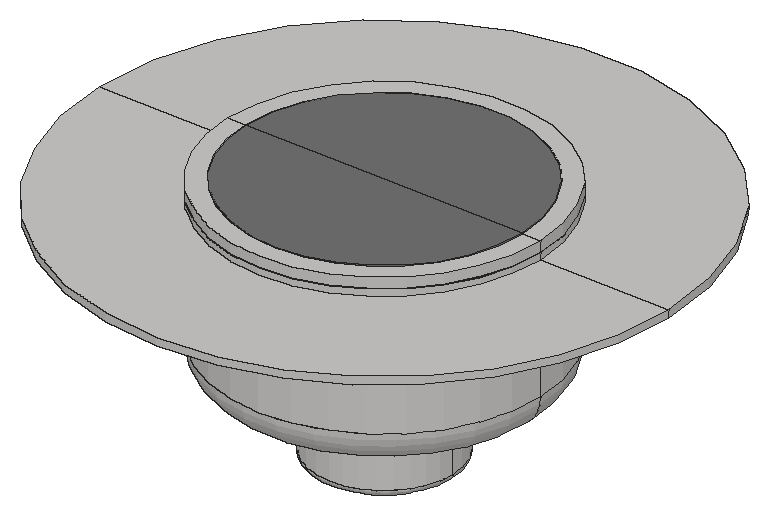
Revit family
Parameters (values of type "DX3068")
  Weight (lb) = 0
  Warranty = "1 year material and workmanship"  # constant formula
  URL = "http://JRSmith.com"
  Technical and Installation = "http://www.jrsmith.com/products/sanit/tech_data_index.htm"
  SmartBIM Object Version = 3  # constant formula
  SmartBIM Object Created By = "Reed Construction Data"  # constant formula
  Product URL = "http://www.jrsmith.com/products/sanit/submittal/d3110.pdf"
  Pipe Radius = Pipe Diameter / 2  # 2"
  OmniClass Title = "Sanitary Drains"
  OmniClass Code = "22-22 13 19 13"
  Model = "DX3068"
  Material Finish = Duco Coated
  Material = Stainless Steel Brushed
  Manufacturs URL = "http://JRSmith.com"
  Manufacturer = "Jay R. Smith Mfg. Co. "  # constant formula
  Maintenance = ""
  Description = "Cast iron flanged receptor with seepage holes, acid resistant coated interior, nickel bronze rim, and secured grate"  # constant formula
  Default Elevation = 48"
  Connection Type = ""
  Assembly Code = "D2030300"
  Pipe Diameter = 4"
  95 CSI = "15155"  # constant formula
  04 CSI = "22 13 19"  # constant formula
Reference planes (in)
  plane 1 "Center (Front/Back)": y = 0
  plane 2: z = 0
  plane 3 "Center (Left/Right)": x = 0
  plane 4: x = 2
  plane 5: x = -2
Forms (in)
  Revolve 1, solid, material "Stainless Steel Brushed" <- "Material"
    sketch origin (0, 0, -9.0625) x (1, 0, 0) y (0, 0, 1)
      loop
        line (2, 0.27951) -> (2, 0) -> (2.44585, 0)
        arc (2.44585, 0) -> (2.58174, 0.0888) -> (2.63444, 0.24234) r 0.25
        line (2.63444, 0.24234) -> (2.63444, 2.61284) -> (3.97819, 2.61284) -> (3.97819, 2.77758) -> (4.61626, 2.77758) -> (4.61626, 3.14897) -> (3.71431, 3.14897) -> (3.71431, 2.9015) -> (2.32813, 2.9015) -> (2.32813, 0.40451)
        arc (2.32813, 0.40451) -> (2.29151, 0.31613) -> (2.20313, 0.27951) r 0.125
        line (2.20313, 0.27951) -> (2, 0.27951)
      axis (0, 3.14897) -> (0, 0)
    angle from 0 to 360
  Revolve 2, solid, material "Stainless Steel Brushed" <- "Material"
    sketch origin (0, 0, 0) x (1, 0, 0) y (0, 0, 1)
      loop
        line (5.60241, -0.72289) -> (5.60241, -4.95181)
        arc (5.60241, -4.95181) -> (5.31165, -5.63834) -> (4.61626, -5.90722) r 0.95589
        line (4.61626, -5.90722) -> (4.61626, -6.28916)
        arc (4.61626, -6.28916) -> (5.58941, -5.93767) -> (6, -4.98795) r 1.30367
        line (6, -4.98795) -> (6, -0.9759) -> (10.91566, -0.54217) -> (10.91566, -0.25301) -> (6, -0.25301) -> (6, -0.02075) -> (5.95292, -0.02075) -> (5.95292, 0.01798) -> (6, 0.01798) -> (6, 0.39759) -> (5.31325, 0.39759) -> (5.31325, 0.18072) -> (4.48193, 0.18072) -> (4.48193, -0.14458) -> (5.56627, -0.14458) -> (5.56627, -0.3253) -> (5.20482, -0.3253) -> (5.20482, -0.72289) -> (5.60241, -0.72289)
      axis (0, -6.28916) -> (0, 0.39759)
    angle from 0 to 360
  Revolve 3, solid, material "Duco Coated" <- "Material Finish"
    sketch origin (0, 0, 2) x (1, 0, 0) y (0, 0, 1)
      loop
        line (0, -1.59035) -> (0, -1.81574) -> (5.298, -1.81574) -> (5.298, -1.59035) -> (0, -1.59035)
      axis (0, -1.81574) -> (0, -1.59035)
    angle from 0 to 360
Dimensions and locks (in)
  equal spacing: plane 4, plane 3 "Center (Left/Right)", plane 5
  "Pipe Diameter": plane 4 to plane 5
  locked: Revolve 1 sketch curve to plane 3 "Center (Left/Right)" at 4.61626
  Revolve 1 sketch curve to Revolve 1 sketch curve to Revolve 1 sketch curve to Revolve 1 sketch curve = 0.26388" locked, 1.07987" locked, 0.30632" locked
Automatic sketch dimensions
  Revolve 2 sketch curve to plane 3 "Center (Left/Right)" = 0"
  level to Revolve 2 sketch curve = 0.18072"
  plane 3 "Center (Left/Right)" to Revolve 2 sketch curve = 4.48193"
  plane 3 "Center (Left/Right)" to Revolve 2 sketch curve = 4.61626"
  Revolve 2 sketch curve to Revolve 2 sketch curve = 0.03026"
  Revolve 2 sketch curve to Revolve 2 sketch curve = 0.04981"
  Revolve 2 sketch curve to Revolve 2 sketch curve = 0.72289"
  Revolve 2 sketch curve to Revolve 2 sketch curve = 0.10843"
  Revolve 2 sketch curve to Revolve 2 sketch curve = 0.36145"
  Revolve 2 sketch curve to Revolve 2 sketch curve = 0.39759"  (x2)
  level to Revolve 2 sketch curve = 0.01798"
  Revolve 2 sketch curve to Revolve 2 sketch curve = 0.38665"
  Revolve 2 sketch curve to level = 0.02075"
  Revolve 2 sketch curve to Revolve 2 sketch curve = 0.04708"  (x2)
  Revolve 2 sketch curve to level = 0.9759"
  Revolve 2 sketch curve to level = 0.25301"
  Revolve 2 sketch curve to Revolve 2 sketch curve = 4.91566"
  Revolve 2 sketch curve to Revolve 2 sketch curve = 3.9759"
  Revolve 2 sketch curve to Revolve 2 sketch curve = 0.03614"
  Revolve 2 sketch curve to Revolve 2 sketch curve = 0.96084"
  Revolve 2 sketch curve to level = 3/4"
  Revolve 2 sketch curve to level = 0.72289"
  Revolve 2 sketch curve to Revolve 2 sketch curve = 0.28916"
  Revolve 2 sketch curve to level = 0.3253"
  Revolve 2 sketch curve to level = 0.14458"
  Revolve 2 sketch curve to Revolve 2 sketch curve = 0.21687"
  Revolve 1 sketch curve to plane 3 "Center (Left/Right)" = 0"
  Revolve 1 sketch curve to plane 4 = 0"
  Revolve 1 sketch curve to Revolve 1 sketch curve = 13/64"
  Revolve 1 sketch curve to Revolve 1 sketch curve = 1/8"
  Revolve 1 sketch curve to Revolve 1 sketch curve = 0.05632"
  Revolve 1 sketch curve to Revolve 1 sketch curve = 0.0614"
  Revolve 1 sketch curve to level = 55.71805"
  Revolve 1 sketch curve to level = 9 1/16"
  Revolve 1 sketch curve to Revolve 1 sketch curve = 0.27951"
  Revolve 1 sketch curve to Revolve 1 sketch curve = 2.20833"
  Revolve 1 sketch curve to Revolve 1 sketch curve = 0.28866"
  Revolve 1 sketch curve to Revolve 1 sketch curve = 0.12392"
  Revolve 1 sketch curve to Revolve 1 sketch curve = 0.37139"
  level to Revolve 1 sketch curve = 91.0909"
  Revolve 3 sketch curve to plane 3 "Center (Left/Right)" = 0"  (x2)
  level to Revolve 3 sketch curve = 0.18426"
  plane 3 "Center (Left/Right)" to Revolve 3 sketch curve = 5.298"
  Revolve 3 sketch curve to Revolve 3 sketch curve = 5.43426"
  level to Revolve 3 sketch curve = 0.40965"
  Revolve 3 sketch curve to Revolve 3 sketch curve = 0.84035"
Connectors (in)
  piping at (0, 0, -9.0625), driven by "Pipe Radius"
    settings: on Revolve 1, index 1
